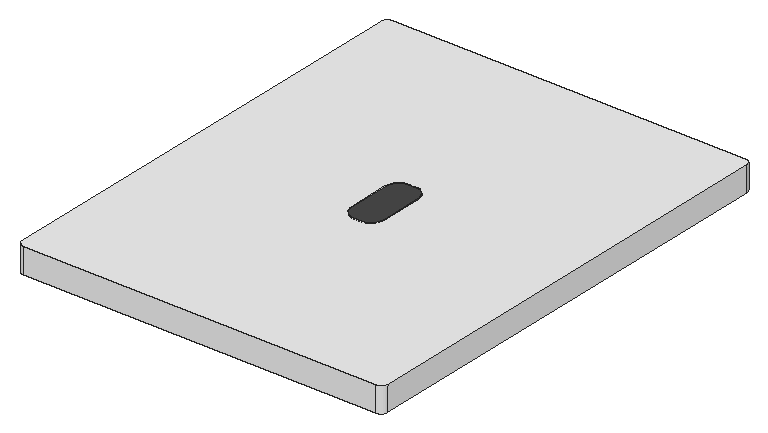
Revit family "Grohe_TectronBauE_ElectricControlledFlushingUnit_398820001", category Plumbing Fixtures, host Face, Revit 2018
Family settings
  Host = Face
  Round Connector Dimension = Use Diameter
  Part Type = Normal
  OmniClass Number = 23.65.05.11.11
  OmniClass Title = Water Supply Systems
  Cut with Voids When Loaded = No
  Shared = No
  Room Calculation Point = No
Parameters (values of type "39882000")
  _ObjectUserGuide = "https://www.bimstore.co/products/grohe-tectron-baue-electric-controlled-flushing-unit-39882000/document/object-user-guide"
  _DistributedBy = "https://www.bimstore.co"
  _CurrentRevision = 1
  _CreatedBy = "https://www.bimstore.co"
  _BimSpecGuid = 0
  _BSBibleVersion = 16
  _AuthorizedBy = "bimstore"
  _Author = "JY"
  WarrantyStartDate [instance] = "Please Record On Commissioning."
  WarrantyGuarantorParts = "https://www.grohe.co.uk"
  WarrantyGuarantorLabor = "https://www.grohe.co.uk"
  WarrantyDurationUnit = "Years"
  WarrantyDurationParts = "0"
  WarrantyDurationLabor = "0"
  WarrantyDescription = "n/a"
  URL = "https://www.grohe.co.uk/en_gb/"
  TypeName = "Tectron Bau E Electric Controlled Flushing Unit"
  Type Comments = "39882000"
  TPIDocumentLink = "n/a"
  SustainabilityReport = "green.grohe.com/reporting"
  SustainabilityAward = "green.grohe.com/awards"
  SpareParts = "n/a"
  Size = "197mm(H)x156mm(W)x10mm(D)"
  Shape = "n/a"
  SerialNumber [instance] = "Please Record On Commissioning."
  ReplacementCost = "n/a"
  ReferencedStandard = "n/a"
  ProductionYear = "2021"
  ProductType = "Electric controlled flushing uni"
  ProductShortText = "Tectron Bau E"
  ProductNumber = "39881000"
  ProductDescription = "Infra-red electronic for WC flushing cistern with infrared sensor for bi-directional communication for monitoring, configuration and servicing. GROHE StarLight chrome finish 6 V lithium battery, type CR-P2 for new installations and retrofit to all GD2 cisterns. servo motor. concealed installation. front plate 156 x 197 mm hidden anti-theft device. infra-red control. 7 pre-set programs: auto flush cleaning mode pre-flush on/off additional functions and precise settings by remote control 36 407 adjustable flush (3 - 9 l) by hand and remote. CE approved"
  PQDiagramLink = "n/a"
  NominalLength = 156.0 mm
  NominalHeight = 197.0 mm
  NominalDepth = 10.5 mm
  NBSReference = "45-35-70/315"
  NBSOfficeMasterTag = "n/a"
  NBSObjectName = "Grohe - Water supply fittings"
  NBSNote = "n/a"
  NBSDescription = "Water supply fittings"
  ModelReference = "Tectron Bau E Electric Controlled Flushing Unit"
  ModelNumber = "39882000"
  Model = "Tectron Bau E Electric Controlled Flushing Unit"
  Material = "Chrome"
  ManufacturerName = "Grohe"
  Manufacturer = "Grohe"
  Keynote = "N13"
  InstallationVideo = "n/a"
  InstallationDate [instance] = "Please Record On Commissioning."
  IfcExportType = "IfcPipeFittingType"
  IfcExportAs = "IfcPipeFitting"
  Grade = "n/a"
  GROHESustainability = "green.grohe.com"
  GROHESocialCommittment = "green.grohe.com/social_engagement"
  FullRecyclabilityOfPlastic = "All plastic components are fully recycable"
  Finish = "n/a"
  Features = "n/a"
  ExpectedLife = 0
  Ecojoy = no
  EF024920 = 600.0 mm
  EF022117 = "Infrared"
  EF020785 = "3/4 inch"
  EF005492 = 10.0 mm
  EF005464 = 50.0 mm  # constant formula
  EF005454 = 197.0 mm
  EF003625 = "230"
  EF002671 = "Chrome"
  EF002286 = "External thread"
  EF001469 = "Transformer"
  EF000010 = "EV000603"
  DurationUnit = "Years"
  DocumentationTechnical = "https://www.bimstore.co/products/grohe-tectron-baue-electric-controlled-flushing-unit-39882000/document/technical-data-sheet"
  DocumentationMaintenance = "https://www.bimstore.co/products/grohe-tectron-baue-electric-controlled-flushing-unit-39882000/document/maintenance-information"
  DocumentationLiterature = "https://www.bimstore.co/products/grohe-tectron-baue-electric-controlled-flushing-unit-39882000/document/product-literature"
  DocumentationInstallationGuide = "https://www.bimstore.co/products/grohe-tectron-baue-electric-controlled-flushing-unit-39882000/document/installation-guide"
  DocumentationCertificates = "https://www.bimstore.co/products/grohe-tectron-baue-electric-controlled-flushing-unit-39882000/document/product-certificates"
  DimensionsDocumentLink = "n/a"
  Description = "Infra-red electronic for WC flushing cistern with infrared sensor for bi-directional communication for monitoring, configuration and servicing. GROHE StarLight chrome finish 6 V lithium battery, type CR-P2 for new installations and retrofit to all GD2 cisterns. servo motor. concealed installation. front plate 156 x 197 mm hidden anti-theft device. infra-red control. 7 pre-set programs: auto flush cleaning mode pre-flush on/off additional functions and precise settings by remote control 36 407 adjustable flush (3 - 9 l) by hand and remote. CE approved"
  Default Elevation = 0.0 mm
  CreatedOn = "2021-07-29T:09:00:00"
  CreatedBy = "https://www.grohe.co.uk"
  CradleToCradleCertification = "n/a"
  Cost = 0
  Constituents = "n/a"
  Color = "Chrome"
  CodePerformance = "n/a"
  ClassificationValue = "Pr_40_20_87_07"
  ClassificationName = "Uniclass2015"
  CO2NeutralProduction = "GROHE is one of the first leading manufacturer within the sanitary industry having a CO2-neutral production."
  BarCode [instance] = "Please Record On Commissioning."
  BIMObjectName = "Grohe_TectronBauE_ElectricControlledFlushingUnit_39882000"
  AssetType = "Fixed"
  AssetIdentifier [instance] = "n/a"
  Assembly Code = "C1030200"
  AccessibilityPerformance = "n/a"
Types (7, lengths in mm): name | Type Comments | ProductNumber | ModelNumber | DocumentationTechnical | DocumentationMaintenance | DocumentationLiterature | DocumentationInstallationGuide | DocumentationCertificates | BIMObjectName
  39882000 | "39882000" | "39881000" | "39882000" | "https://www.bimstore.co/products/grohe-tectron-baue-electric-controlled-flushing-unit-39882000/document/technical-data-sheet" | "https://www.bimstore.co/products/grohe-tectron-baue-electric-controlled-flushing-unit-39882000/document/maintenance-information" | "https://www.bimstore.co/products/grohe-tectron-baue-electric-controlled-flushing-unit-39882000/document/product-literature" | "https://www.bimstore.co/products/grohe-tectron-baue-electric-controlled-flushing-unit-39882000/document/installation-guide" | "https://www.bimstore.co/products/grohe-tectron-baue-electric-controlled-flushing-unit-39882000/document/product-certificates" | "Grohe_TectronBauE_ElectricControlledFlushingUnit_39882000"
  39882SH0 | "39882SH0" | "39882SH0" | "39882SH0" | "https://www.bimstore.co/products/grohe-tectron-baue-electric-controlled-flushing-unit-39882000/document/technical-data-sheet" | "https://www.bimstore.co/products/grohe-tectron-baue-electric-controlled-flushing-unit-39882000/document/maintenance-information" | "https://www.bimstore.co/products/grohe-tectron-baue-electric-controlled-flushing-unit-39882000/document/product-literature" | "https://www.bimstore.co/products/grohe-tectron-baue-electric-controlled-flushing-unit-39882000/document/installation-guide" | "https://www.bimstore.co/products/grohe-tectron-baue-electric-controlled-flushing-unit-39882000/document/product-certificates" | "Grohe_TectronBauE_ElectricControlledFlushingUnit_39882SH0"
  3988200D | "3988200D" | "3988200D" | "3988200D" | "https://www.bimstore.co/products/grohe-tectron-baue-electric-controlled-flushing-unit-39882000/document/technical-data-sheet" | "https://www.bimstore.co/products/grohe-tectron-baue-electric-controlled-flushing-unit-39882000/document/maintenance-information" | "https://www.bimstore.co/products/grohe-tectron-baue-electric-controlled-flushing-unit-39882000/document/product-literature" | "https://www.bimstore.co/products/grohe-tectron-baue-electric-controlled-flushing-unit-39882000/document/installation-guide" | "https://www.bimstore.co/products/grohe-tectron-baue-electric-controlled-flushing-unit-39882000/document/product-certificates" | "Grohe_TectronBauE_ElectricControlledFlushingUnit_3988200D"
  3988200F | "3988200F" | "3988200F" | "3988200F" | "https://www.bimstore.co/products/grohe-tectron-baue-electric-controlled-flushing-unit-39881000/document/technical-data-sheet" | "https://www.bimstore.co/products/grohe-tectron-baue-electric-controlled-flushing-unit-39881000/document/maintenance-information" | "https://www.bimstore.co/products/grohe-tectron-baue-electric-controlled-flushing-unit-39881000/document/product-literature" | "https://www.bimstore.co/products/grohe-tectron-baue-electric-controlled-flushing-unit-39881000/document/installation-guide" | "https://www.bimstore.co/products/grohe-tectron-baue-electric-controlled-flushing-unit-39881000/document/product-certificates" | "Grohe_TectronBauE_ElectricControlledFlushingUnit_3988200F"
  39882KFD | "39882KFD" | "39882KFD" | "39882KFD" | "https://www.bimstore.co/products/grohe-tectron-baue-electric-controlled-flushing-unit-39882000/document/technical-data-sheet" | "https://www.bimstore.co/products/grohe-tectron-baue-electric-controlled-flushing-unit-39882000/document/maintenance-information" | "https://www.bimstore.co/products/grohe-tectron-baue-electric-controlled-flushing-unit-39882000/document/product-literature" | "https://www.bimstore.co/products/grohe-tectron-baue-electric-controlled-flushing-unit-39882000/document/installation-guide" | "https://www.bimstore.co/products/grohe-tectron-baue-electric-controlled-flushing-unit-39882000/document/product-certificates" | "Grohe_TectronBauE_ElectricControlledFlushingUnit_39882KFD"
  39882KFF | "39882KFF" | "39882KFF" | "39882KFF" | "https://www.bimstore.co/products/grohe-tectron-baue-electric-controlled-flushing-unit-39882000/document/technical-data-sheet" | "https://www.bimstore.co/products/grohe-tectron-baue-electric-controlled-flushing-unit-39882000/document/maintenance-information" | "https://www.bimstore.co/products/grohe-tectron-baue-electric-controlled-flushing-unit-39882000/document/product-literature" | "https://www.bimstore.co/products/grohe-tectron-baue-electric-controlled-flushing-unit-39882000/document/installation-guide" | "https://www.bimstore.co/products/grohe-tectron-baue-electric-controlled-flushing-unit-39882000/document/product-certificates" | "Grohe_TectronBauE_ElectricControlledFlushingUnit_39882KFF"
  39882KF0 | "39882KF0" | "39882KF0" | "39882KF0" | "https://www.bimstore.co/products/grohe-tectron-baue-electric-controlled-flushing-unit-39882000/document/technical-data-sheet" | "https://www.bimstore.co/products/grohe-tectron-baue-electric-controlled-flushing-unit-39882000/document/maintenance-information" | "https://www.bimstore.co/products/grohe-tectron-baue-electric-controlled-flushing-unit-39882000/document/product-literature" | "https://www.bimstore.co/products/grohe-tectron-baue-electric-controlled-flushing-unit-39882000/document/installation-guide" | "https://www.bimstore.co/products/grohe-tectron-baue-electric-controlled-flushing-unit-39882000/document/product-certificates" | "Grohe_TectronBauE_ElectricControlledFlushingUnit_39882KF0"
Reference planes
  plane 1 "Center (Front/Back)": y = 0
  plane 2: z = 0
  plane 3 "Center (Left/Right)": x = 0
  plane 4: x = 78
  plane 5: x = -78
  plane 6: y = 98.5
  plane 7: y = -98.5
  plane 8: z = 10.503
Forms (mm)
  Extrusion 1, solid, material "Grohe - Chrome"
    sketch origin (0, 0, 0) x (1, 0, 0) y (0, 1, 0)
      loop
        arc (-75, 98.5) -> (-77.121, 97.621) -> (-78, 95.5) r 3
        line (-78, 95.5) -> (-78, -95.5)
        arc (-78, -95.5) -> (-77.121, -97.621) -> (-75, -98.5) r 3
        line (-75, -98.5) -> (75, -98.5)
        arc (75, -98.5) -> (77.121, -97.621) -> (78, -95.5) r 3
        line (78, -95.5) -> (78, 95.5)
        arc (78, 95.5) -> (77.121, 97.621) -> (75, 98.5) r 3
        line (75, 98.5) -> (-75, 98.5)
      loop
        line (-7.028, 9.154) -> (-7.028, -8.646)
        arc (-7.028, -8.646) -> (-5.281, -12.862) -> (-1.065, -14.609) r 5.963
        line (-1.065, -14.609) -> (1.035, -14.609)
        arc (1.035, -14.609) -> (5.252, -12.862) -> (6.998, -8.646) r 5.963
        line (6.998, -8.646) -> (6.998, 9.154)
        arc (6.998, 9.154) -> (5.252, 13.371) -> (1.035, 15.117) r 5.963
        line (1.035, 15.117) -> (-1.065, 15.117)
        arc (-1.065, 15.117) -> (-5.281, 13.371) -> (-7.028, 9.154) r 5.963
    from 0 to 10.503
  Extrusion 2, solid, detail levels fine
    sketch origin (0, 0, 0) x (1, 0, 0) y (0, 1, 0)
      loop
        arc (-33.686, 75.28) -> (-36.758, 74.669) -> (-39.361, 72.929) r 8.026
        line (-39.361, 72.929) -> (-50.175, 62.116)
        arc (-50.175, 62.116) -> (-51.915, 59.512) -> (-52.526, 56.44) r 8.026
        line (-52.526, 56.44) -> (-52.526, 0.254) -> (-52.526, -55.932)
        arc (-52.526, -55.932) -> (-51.915, -59.004) -> (-50.175, -61.607) r 8.026
        line (-50.175, -61.607) -> (-39.361, -72.421)
        arc (-39.361, -72.421) -> (-36.758, -74.161) -> (-33.686, -74.772) r 8.026
        line (-33.686, -74.772) -> (33.686, -74.772)
        arc (33.686, -74.772) -> (36.758, -74.161) -> (39.361, -72.421) r 8.026
        line (39.361, -72.421) -> (50.175, -61.607)
        arc (50.175, -61.607) -> (51.915, -59.004) -> (52.526, -55.932) r 8.026
        line (52.526, -55.932) -> (52.526, 0.254) -> (52.526, 56.44)
        arc (52.526, 56.44) -> (51.915, 59.512) -> (50.175, 62.116) r 8.026
        line (50.175, 62.116) -> (39.361, 72.929)
        arc (39.361, 72.929) -> (36.758, 74.669) -> (33.686, 75.28) r 8.026
        line (33.686, 75.28) -> (-33.686, 75.28)
      loop
        arc (-51.589, 63.53) -> (-53.763, 60.277) -> (-54.526, 56.44) r 10.026
        line (-54.526, 56.44) -> (-54.526, 0.254) -> (-54.526, -55.932)
        arc (-54.526, -55.932) -> (-53.763, -59.769) -> (-51.589, -63.022) r 10.026
        line (-51.589, -63.022) -> (-40.776, -73.835)
        arc (-40.776, -73.835) -> (-37.523, -76.009) -> (-33.686, -76.772) r 10.026
        line (-33.686, -76.772) -> (33.686, -76.772)
        arc (33.686, -76.772) -> (37.523, -76.009) -> (40.776, -73.835) r 10.026
        line (40.776, -73.835) -> (51.589, -63.022)
        arc (51.589, -63.022) -> (53.763, -59.769) -> (54.526, -55.932) r 10.026
        line (54.526, -55.932) -> (54.526, 0.254) -> (54.526, 56.44)
        arc (54.526, 56.44) -> (53.763, 60.277) -> (51.589, 63.53) r 10.026
        line (51.589, 63.53) -> (40.776, 74.343)
        arc (40.776, 74.343) -> (37.523, 76.517) -> (33.686, 77.28) r 10.026
        line (33.686, 77.28) -> (-33.686, 77.28)
        arc (-33.686, 77.28) -> (-37.523, 76.517) -> (-40.776, 74.343) r 10.026
        line (-40.776, 74.343) -> (-51.589, 63.53)
    from 0 to -15.397
  Extrusion 3, solid, detail levels fine
    sketch origin (0, 0, 0) x (1, 0, 0) y (0, 1, 0)
      loop
        line (54.169, 53.788) -> (61.554, 53.789)
        arc (61.554, 53.789) -> (64.028, 54.814) -> (65.053, 57.288) r 3.499
        line (65.053, 57.288) -> (65.053, 65.234)
        arc (65.053, 65.234) -> (64.027, 67.706) -> (61.554, 68.726) r 3.491
        arc (61.554, 68.726) -> (58.864, 69.256) -> (56.583, 70.779) r 7.009
        line (56.583, 70.779) -> (49.724, 77.637)
        arc (49.724, 77.637) -> (48.177, 79.98) -> (47.673, 82.741) r 7.009
        arc (47.673, 82.741) -> (46.677, 85.258) -> (44.182, 86.307) r 3.491
        line (44.182, 86.307) -> (36.325, 86.307)
        arc (36.325, 86.307) -> (33.851, 85.282) -> (32.826, 82.808) r 3.499
        line (32.826, 82.808) -> (32.826, 77.243)
        arc (32.826, 77.243) -> (37.122, 76.673) -> (40.776, 74.343) r 10.026
        line (40.776, 74.343) -> (51.589, 63.53)
        arc (51.589, 63.53) -> (54.192, 59.007) -> (54.169, 53.788) r 10.026
      loop
        line (-32.826, 77.243) -> (-32.826, 82.808)
        arc (-32.826, 82.808) -> (-33.851, 85.282) -> (-36.325, 86.307) r 3.499
        line (-36.325, 86.307) -> (-44.182, 86.307)
        arc (-44.182, 86.307) -> (-46.677, 85.258) -> (-47.673, 82.741) r 3.491
        arc (-47.673, 82.741) -> (-48.177, 79.98) -> (-49.724, 77.637) r 7.009
        line (-49.724, 77.637) -> (-56.583, 70.779)
        arc (-56.583, 70.779) -> (-58.864, 69.256) -> (-61.554, 68.726) r 7.009
        arc (-61.554, 68.726) -> (-64.027, 67.706) -> (-65.053, 65.234) r 3.491
        line (-65.053, 65.234) -> (-65.053, 57.288)
        arc (-65.053, 57.288) -> (-64.028, 54.814) -> (-61.554, 53.789) r 3.499
        line (-61.554, 53.789) -> (-54.526, 53.789) -> (-54.526, 56.44)
        arc (-54.526, 56.44) -> (-53.763, 60.277) -> (-51.589, 63.53) r 10.026
        line (-51.589, 63.53) -> (-40.776, 74.343)
        arc (-40.776, 74.343) -> (-37.122, 76.673) -> (-32.826, 77.243) r 10.026
      loop
        line (-54.526, -53.28) -> (-61.554, -53.28)
        arc (-61.554, -53.28) -> (-64.028, -54.305) -> (-65.053, -56.78) r 3.499
        line (-65.053, -56.78) -> (-65.053, -64.726)
        arc (-65.053, -64.726) -> (-64.027, -67.198) -> (-61.554, -68.218) r 3.491
        arc (-61.554, -68.218) -> (-58.864, -68.748) -> (-56.583, -70.27) r 7.009
        line (-56.583, -70.27) -> (-49.724, -77.129)
        arc (-49.724, -77.129) -> (-48.177, -79.471) -> (-47.673, -82.233) r 7.009
        arc (-47.673, -82.233) -> (-46.677, -84.75) -> (-44.182, -85.799) r 3.491
        line (-44.182, -85.799) -> (-36.325, -85.799)
        arc (-36.325, -85.799) -> (-33.851, -84.774) -> (-32.826, -82.299) r 3.499
        line (-32.826, -82.299) -> (-32.826, -76.772) -> (-33.686, -76.772)
        arc (-33.686, -76.772) -> (-37.523, -76.009) -> (-40.776, -73.835) r 10.026
        line (-40.776, -73.835) -> (-51.589, -63.022)
        arc (-51.589, -63.022) -> (-53.763, -59.769) -> (-54.526, -55.932) r 10.026
        line (-54.526, -55.932) -> (-54.526, -53.28)
      loop
        line (32.826, -76.735) -> (32.826, -82.299)
        arc (32.826, -82.299) -> (33.851, -84.774) -> (36.325, -85.799) r 3.499
        line (36.325, -85.799) -> (44.182, -85.799)
        arc (44.182, -85.799) -> (46.677, -84.75) -> (47.673, -82.233) r 3.491
        arc (47.673, -82.233) -> (48.177, -79.471) -> (49.724, -77.129) r 7.009
        line (49.724, -77.129) -> (56.583, -70.27)
        arc (56.583, -70.27) -> (58.864, -68.748) -> (61.554, -68.218) r 7.009
        arc (61.554, -68.218) -> (64.027, -67.198) -> (65.053, -64.726) r 3.491
        line (65.053, -64.726) -> (65.053, -56.78)
        arc (65.053, -56.78) -> (64.028, -54.305) -> (61.554, -53.28) r 3.499
        line (61.554, -53.28) -> (54.526, -53.28) -> (54.526, -55.932)
        arc (54.526, -55.932) -> (53.763, -59.769) -> (51.589, -63.022) r 10.026
        line (51.589, -63.022) -> (40.776, -73.835)
        arc (40.776, -73.835) -> (37.122, -76.165) -> (32.826, -76.735) r 10.026
    from 0 to -7.008
  Extrusion 4, solid, material "Grohe - Chrome", detail levels medium+fine
    sketch origin (0, 0, 0) x (1, 0, 0) y (0, 1, 0)
      loop
        arc (-18.23, 34.528) -> (-23.267, 32.441) -> (-25.353, 27.404) r 7.124
        line (-25.353, 27.404) -> (-25.353, -28.389)
        arc (-25.353, -28.389) -> (-23.681, -32.427) -> (-19.643, -34.099) r 5.711
        line (-19.643, -34.099) -> (19.643, -34.099)
        arc (19.643, -34.099) -> (23.681, -32.427) -> (25.353, -28.389) r 5.711
        line (25.353, -28.389) -> (25.353, 27.404)
        arc (25.353, 27.404) -> (23.267, 32.441) -> (18.23, 34.528) r 7.124
        line (18.23, 34.528) -> (-18.23, 34.528)
    from -16.1 to 0
  Extrusion 5, solid, detail levels fine
    sketch origin (0, 0, 0) x (1, 0, 0) y (0, 1, 0)
      loop
        arc (-18.321, 35.028) -> (-27.763, 31.117) -> (-31.674, 21.676) r 13.352
        line (-31.674, 21.676) -> (-31.674, -29.52)
        arc (-31.674, -29.52) -> (-30.209, -33.055) -> (-26.674, -34.52) r 5
        line (-26.674, -34.52) -> (26.674, -34.52)
        arc (26.674, -34.52) -> (30.209, -33.055) -> (31.674, -29.52) r 5
        line (31.674, -29.52) -> (31.674, 21.676)
        arc (31.674, 21.676) -> (27.763, 31.117) -> (18.321, 35.028) r 13.352
        line (18.321, 35.028) -> (-18.321, 35.028)
    from -16.1 to -25.161
  Extrusion 6, solid, material "UHMW, Black"
    sketch origin (0, 0, 0) x (1, 0, 0) y (0, 1, 0)
      loop
        arc (6.998, 9.154) -> (5.252, 13.371) -> (1.035, 15.117) r 5.963
        line (1.035, 15.117) -> (-1.065, 15.117)
        arc (-1.065, 15.117) -> (-5.281, 13.371) -> (-7.028, 9.154) r 5.963
        line (-7.028, 9.154) -> (-7.028, -8.646)
        arc (-7.028, -8.646) -> (-5.281, -12.862) -> (-1.065, -14.609) r 5.963
        line (-1.065, -14.609) -> (1.035, -14.609)
        arc (1.035, -14.609) -> (5.252, -12.862) -> (6.998, -8.646) r 5.963
        line (6.998, -8.646) -> (6.998, 9.154)
    from 0 to 10.503
  Extrusion 7, solid
    sketch origin (0, 0, 0) x (1, 0, 0) y (0, 0, 1)
      loop
        arc (-17.035, -25.6) -> (-18.235, -27.789) -> (-18.65, -30.25) r 7.5
        line (-18.65, -30.25) -> (-18.65, -39.35)
        arc (-18.65, -39.35) -> (-17.039, -43.239) -> (-13.15, -44.85) r 5.5
        line (-13.15, -44.85) -> (13.15, -44.85)
        arc (13.15, -44.85) -> (17.039, -43.239) -> (18.65, -39.35) r 5.5
        line (18.65, -39.35) -> (18.65, -30.25)
        arc (18.65, -30.25) -> (18.235, -27.789) -> (17.035, -25.6) r 7.5
        line (17.035, -25.6) -> (-17.035, -25.6)
    from -15.117 to 34.099
  Revolve 8, solid
    sketch origin (0, 0, 0) x (0, 1, 0) y (0, 0, 1)
      loop
        line (46.454, -30.9) -> (39.887, -30.9) -> (35.981, -29.478) -> (33.864, -29.478) -> (33.299, -30.043) -> (31.086, -30.043) -> (30.522, -29.478) -> (21.224, -29.478) -> (19.398, -27.652) -> (17.954, -27.652) -> (17.954, -30.043) -> (15.117, -30.043) -> (15.117, -33.85) -> (46.454, -33.85) -> (46.454, -30.9)
      axis (15.117, -33.85) -> (46.454, -33.85)
    angle from 0 to 360
Dimensions and locks
  "NominalLength": plane 5 to plane 4
  "NominalHeight": plane 6 to plane 7
  plane 8 to level = 10.503 mm
  equal spacing: plane 7, plane 1 "Center (Front/Back)", plane 6
  equal spacing: plane 5, plane 3 "Center (Left/Right)", plane 4
  aligned and locked: plane 2 to host face
  aligned and locked: level to host face
  aligned and locked: plane 6 to Extrusion 1 sketch curve
  aligned and locked: plane 5 to Extrusion 1 sketch curve
  aligned and locked: plane 7 to Extrusion 1 sketch curve
  aligned and locked: plane 4 to Extrusion 1 sketch curve
Automatic sketch dimensions
  host sketch curve to host sketch curve = 2438.4 mm  (x2)
  plane 5 to Extrusion 1 sketch curve = 3.0 mm  (x2)
  plane 4 to Extrusion 1 sketch curve = 3.0 mm  (x2)
  Extrusion 2 sketch curve to plane 1 "Center (Front/Back)" = 0.254 mm  (x2)
  plane 5 to Extrusion 2 sketch curve = 25.474 mm
  Extrusion 2 sketch curve to Extrusion 2 sketch curve = 2.351 mm  (x3)
  Extrusion 2 sketch curve to Extrusion 2 sketch curve = 8.026 mm
  Extrusion 2 sketch curve to Extrusion 2 sketch curve = 5.675 mm  (x8)
  Extrusion 2 sketch curve to Extrusion 2 sketch curve = 10.814 mm  (x7)
  plane 3 "Center (Left/Right)" to Extrusion 2 sketch curve = 33.686 mm  (x2)
  plane 6 to Extrusion 2 sketch curve = 25.571 mm
  plane 7 to Extrusion 2 sketch curve = 26.079 mm
  plane 4 to Extrusion 2 sketch curve = 25.474 mm
  plane 1 "Center (Front/Back)" to Extrusion 2 sketch curve = 72.421 mm
  plane 6 to Extrusion 2 sketch curve = 42.06 mm
  Extrusion 2 sketch curve to Extrusion 2 sketch curve = 16.489 mm
  Extrusion 2 sketch curve to Extrusion 2 sketch curve = 1.414 mm  (x12)
  Extrusion 2 sketch curve to Extrusion 2 sketch curve = 0.0 mm  (x18)
  Extrusion 3 sketch curve to Extrusion 3 sketch curve = 3.491 mm  (x10)
  Extrusion 3 sketch curve to Extrusion 3 sketch curve = 3.499 mm  (x10)
  Extrusion 3 sketch curve to Extrusion 3 sketch curve = 0.0 mm  (x13)
  Extrusion 3 sketch curve to Extrusion 3 sketch curve = 0.023 mm  (x2)
  Extrusion 3 sketch curve to Extrusion 3 sketch curve = 4.956 mm  (x14)
  Extrusion 3 sketch curve to Extrusion 3 sketch curve = 6.859 mm  (x8)
  Extrusion 3 sketch curve to Extrusion 3 sketch curve = 5.542 mm  (x4)
  Extrusion 3 sketch curve to Extrusion 3 sketch curve = 7.857 mm  (x4)
  plane 7 to Extrusion 3 sketch curve = 16.201 mm
  plane 6 to Extrusion 3 sketch curve = 15.692 mm
  Extrusion 3 sketch curve to Extrusion 3 sketch curve = 4.979 mm
  Extrusion 3 sketch curve to Extrusion 3 sketch curve = 5.104 mm  (x2)
  Extrusion 3 sketch curve to Extrusion 3 sketch curve = 7.947 mm  (x4)
  Extrusion 3 sketch curve to Extrusion 3 sketch curve = 2.053 mm  (x2)
  Extrusion 3 sketch curve to Extrusion 3 sketch curve = 5.565 mm  (x2)
  Extrusion 3 sketch curve to Extrusion 3 sketch curve = 2.937 mm  (x4)
  Extrusion 3 sketch curve to Extrusion 3 sketch curve = 10.026 mm  (x2)
  Extrusion 3 sketch curve to Extrusion 3 sketch curve = 7.95 mm  (x3)
  Extrusion 3 sketch curve to Extrusion 3 sketch curve = 7.089 mm  (x3)
  Extrusion 3 sketch curve to Extrusion 3 sketch curve = 0.861 mm  (x2)
  Extrusion 3 sketch curve to Extrusion 3 sketch curve = 4.993 mm  (x2)
  Extrusion 3 sketch curve to Extrusion 3 sketch curve = 7.249 mm  (x2)
  Extrusion 3 sketch curve to Extrusion 3 sketch curve = 2.652 mm  (x3)
  plane 7 to Extrusion 3 sketch curve = 12.701 mm
  plane 5 to Extrusion 3 sketch curve = 12.947 mm  (x2)
  Extrusion 3 sketch curve to Extrusion 3 sketch curve = 7.028 mm  (x2)
  Extrusion 3 sketch curve to Extrusion 3 sketch curve = 3.407 mm
  Extrusion 3 sketch curve to Extrusion 3 sketch curve = 11.674 mm
  plane 3 "Center (Left/Right)" to Extrusion 3 sketch curve = 32.826 mm  (x2)
  Extrusion 3 sketch curve to Extrusion 3 sketch curve = 0.223 mm  (x2)
  Extrusion 3 sketch curve to Extrusion 3 sketch curve = 20.555 mm  (x2)
  Extrusion 3 sketch curve to Extrusion 3 sketch curve = 9.669 mm
  Extrusion 3 sketch curve to Extrusion 3 sketch curve = 13.466 mm
  Extrusion 3 sketch curve to Extrusion 3 sketch curve = 7.385 mm
  plane 6 to Extrusion 3 sketch curve = 21.257 mm
  plane 6 to Extrusion 3 sketch curve = 24.157 mm
  Extrusion 3 sketch curve to Extrusion 3 sketch curve = 29.027 mm
  Extrusion 3 sketch curve to Extrusion 3 sketch curve = 5.528 mm
  Extrusion 3 sketch curve to Extrusion 3 sketch curve = 2.899 mm
  Extrusion 4 sketch curve to plane 3 "Center (Left/Right)" = 25.353 mm
  Extrusion 4 sketch curve to Extrusion 4 sketch curve = 5.711 mm  (x2)
  Extrusion 4 sketch curve to Extrusion 4 sketch curve = 7.124 mm  (x2)
  plane 3 "Center (Left/Right)" to Extrusion 4 sketch curve = 18.23 mm
  plane 1 "Center (Front/Back)" to Extrusion 4 sketch curve = 34.099 mm
  Extrusion 4 sketch curve to plane 1 "Center (Front/Back)" = 27.404 mm
  Extrusion 5 sketch curve to plane 3 "Center (Left/Right)" = 31.674 mm
  Extrusion 5 sketch curve to Extrusion 5 sketch curve = 5.0 mm  (x2)
  Extrusion 5 sketch curve to plane 3 "Center (Left/Right)" = 18.321 mm
  plane 3 "Center (Left/Right)" to Extrusion 5 sketch curve = 18.321 mm
  plane 3 "Center (Left/Right)" to Extrusion 5 sketch curve = 26.674 mm
  plane 1 "Center (Front/Back)" to Extrusion 5 sketch curve = 34.52 mm
  Extrusion 5 sketch curve to plane 1 "Center (Front/Back)" = 21.676 mm
  Extrusion 1 sketch curve to plane 3 "Center (Left/Right)" = 7.028 mm
  Extrusion 1 sketch curve to plane 3 "Center (Left/Right)" = 1.065 mm  (x2)
  plane 3 "Center (Left/Right)" to Extrusion 1 sketch curve = 1.035 mm  (x2)
  Extrusion 1 sketch curve to Extrusion 1 sketch curve = 5.963 mm
  plane 1 "Center (Front/Back)" to Extrusion 1 sketch curve = 14.609 mm
  Extrusion 1 sketch curve to plane 1 "Center (Front/Back)" = 9.154 mm
  Extrusion 6 sketch curve to plane 3 "Center (Left/Right)" = 7.028 mm
  Extrusion 6 sketch curve to plane 3 "Center (Left/Right)" = 1.065 mm  (x2)
  plane 3 "Center (Left/Right)" to Extrusion 6 sketch curve = 1.035 mm  (x2)
  Extrusion 6 sketch curve to Extrusion 6 sketch curve = 5.963 mm
  plane 1 "Center (Front/Back)" to Extrusion 6 sketch curve = 14.609 mm
  Extrusion 6 sketch curve to plane 1 "Center (Front/Back)" = 9.154 mm
  Extrusion 7 sketch curve to plane 3 "Center (Left/Right)" = 18.65 mm
  Extrusion 7 sketch curve to Extrusion 7 sketch curve = 5.5 mm
  Extrusion 7 sketch curve to Extrusion 7 sketch curve = 7.5 mm  (x2)
  plane 3 "Center (Left/Right)" to Extrusion 7 sketch curve = 11.15 mm
  Extrusion 7 sketch curve to Extrusion 7 sketch curve = 2.0 mm
  Extrusion 7 sketch curve to level = 44.85 mm
  Extrusion 7 sketch curve to Extrusion 7 sketch curve = 9.1 mm
  Extrusion 7 sketch curve to Extrusion 7 sketch curve = 1.615 mm  (x2)
  Revolve 8 sketch curve to plane 1 "Center (Front/Back)" = 15.117 mm
  Revolve 8 sketch curve to Revolve 8 sketch curve = 2.837 mm
  Revolve 8 sketch curve to Revolve 8 sketch curve = 1.444 mm
  Revolve 8 sketch curve to Revolve 8 sketch curve = 1.826 mm
  Revolve 8 sketch curve to Revolve 8 sketch curve = 9.298 mm
  Revolve 8 sketch curve to Revolve 8 sketch curve = 0.564 mm  (x4)
  Revolve 8 sketch curve to Revolve 8 sketch curve = 2.213 mm
  Revolve 8 sketch curve to Revolve 8 sketch curve = 2.682 mm
  Revolve 8 sketch curve to Revolve 8 sketch curve = 3.906 mm
  Revolve 8 sketch curve to Revolve 8 sketch curve = 6.567 mm
  Revolve 8 sketch curve to level = 33.85 mm
  Revolve 8 sketch curve to Revolve 8 sketch curve = 2.95 mm
  Revolve 8 sketch curve to Revolve 8 sketch curve = 0.857 mm
  Revolve 8 sketch curve to Revolve 8 sketch curve = 3.807 mm
  Revolve 8 sketch curve to Revolve 8 sketch curve = 2.39 mm
  Revolve 8 sketch curve to Revolve 8 sketch curve = 0.0 mm  (x2)
  Revolve 8 sketch curve to Revolve 8 sketch curve = 4.073 mm
Connectors
  electrical at (0, 0, 0)
    settings: on Extrusion 1, index 1, voltage 0 V, apparent load 0 VA, apparent load phase1 0 VA, apparent load phase2 0 VA, apparent load phase3 0 VA, power factor 1, load classification "Other", number of poles 1, system type 31, power factor state 1, is connector primary yes, connector utility no, sub classification motor no, connector description ""
